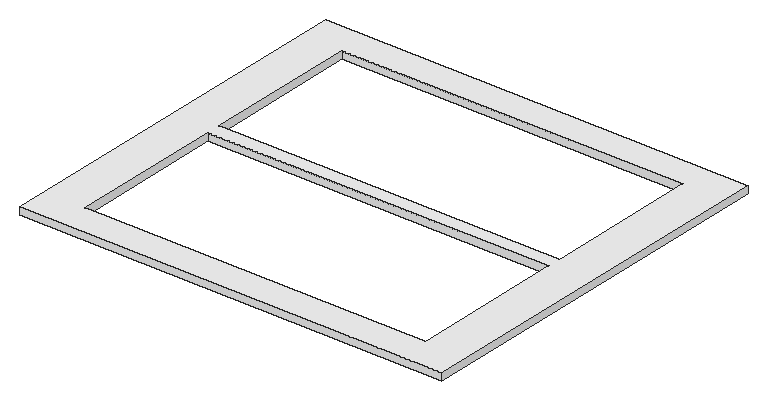
Revit family "Specialty_Equipment-Metal_Raceway-Hubbell_Wiring-Device_Mounting_Bracket-HBL4750", category Specialty Equipment, host Face, Revit 2015
Parameters
  URL = "http://www.hubbell-wiring.com/"
  Product data url = "https://bimobject.com/hubbellwiring/product/hubbell-metal-raceway-hbl4750"
  Product Page URL = "http://ecatalog.hubbell-wiring.com/ProductInformation/ViewCatalog.aspx?Dest=hubbell-wiring.com/press/catalog/o.pdf&Page=21"
  Product Documentation Link = "http://www.hubbell-wiring.com/press/pdfs/h5233r08.pdf"
  Model = "HBL4750IV"
  Manufacturer = "Hubbell-Wiring"  # constant formula
  Host Note = "Add in Plan View; Host to Wall"  # constant formula
  Description = "Device Mounting Bracket"  # constant formula
  Default Elevation = 0' - 0"
  Cable Tray Material = Metal-Hubbell-Ivory Powder Coat
  Assembly Code = "D5090900"
Types (3): name | Model | Cable Tray Material
  (no name) | "HBL4750IV" | Metal-Hubbell-Ivory Powder Coat
  HBL4750GY - Gray | "HBL4750GY" | Metal-Hubbell-Gray Powder Coat
  HBL4750IV - Ivory | "HBL4750IV" | Metal-Hubbell-Ivory Powder Coat
Reference planes (in)
  plane 1 "Center (Front/Back)": y = 0
  plane 2: z = 0
  plane 3 "Left": x = 0
  plane 4 "Right": x = 5.25001
  plane 5: y = 2.375
  plane 6: y = -2.375
  plane 7: z = 1.61719
  plane 8: z = 1.70703
  plane 9 "Align Left": x = 0.18016
  plane 10 "Align Right": x = 5.06984
Forms (in)
  Extrusion 1, solid, material "Metal-Hubbell-Ivory Powder Coat" <- "Cable Tray Material"
    sketch origin (0, 0, 0) x (1, 0, 0) y (0, 1, 0)
      loop
        line (0, 2.375) -> (0, -2.375) -> (5.25001, -2.375) -> (5.25001, 2.375) -> (0, 2.375)
      loop
        line (4.74501, 2) -> (0.505, 2) -> (0.505, 0.08) -> (4.74501, 0.08) -> (4.74501, 2)
      loop
        line (4.74501, -0.08) -> (0.505, -0.08) -> (0.505, -2) -> (4.74501, -2) -> (4.74501, -0.08)
    from 1.61719 to 1.70703
Lines and regions (in)
  Masking region 1
    outline origin (0, 0, 0) x (1, 0, 0) y (0, 0, 1)
      loop
        line (0, 1.70703) -> (0, 1.61719) -> (5.25001, 1.61719) -> (5.25001, 1.70703) -> (0, 1.70703)
Dimensions and locks (in)
  locked: plane 3 "Left" to plane 4 "Right" at 5.25001
  plane 5 to plane 1 "Center (Front/Back)" to plane 6 = 0' - 2 3/8" locked, 0' - 2 3/8" locked
  plane 8 to plane 7 to host face = 0' - 0 23/256" locked, 0' - 1 79/128" locked
  locked: plane 10 "Align Right" to plane 4 "Right" at 0.18016
  locked: plane 3 "Left" to plane 9 "Align Left" at 0.18016
  aligned and locked: host face to plane 2
  aligned and locked: level to host face
  aligned and locked: Extrusion 1 to plane 5
  aligned and locked: Extrusion 1 to plane 6
  aligned and locked: Extrusion 1 to plane 3 "Left"
  aligned and locked: plane 4 "Right" to Extrusion 1
  aligned and locked: Extrusion 1 to plane 7
  aligned and locked: plane 8 to Extrusion 1
  aligned and locked: Masking region 1 sketch curve to Extrusion 1  (x4)
